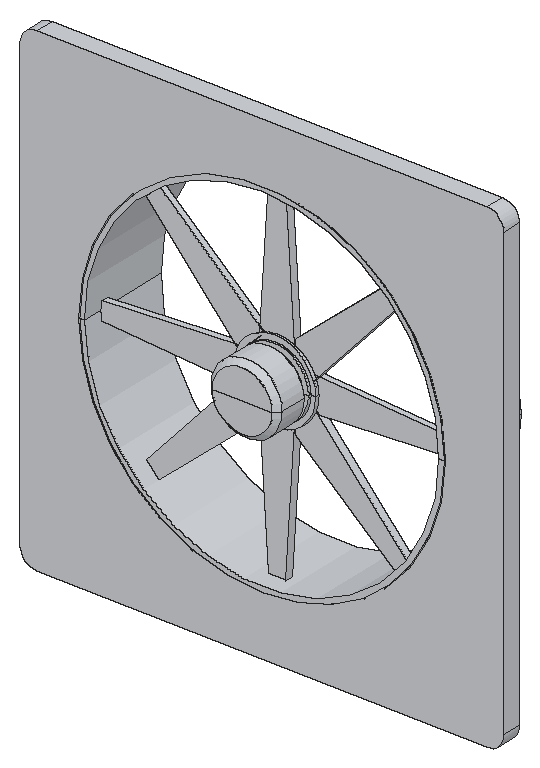
Revit family "CADS_Vent-Axia_MechEquip_Fan_VSP_SabreSicklePlate_3Ph4P - SUPPLY", category Mechanical Equipment, Revit 2020
Family settings
  Round Connector Dimension = Use Diameter
  Part Type = Normal
  OmniClass Number = 23.75.00.00
  OmniClass Title = Climate Control (HVAC)
  Work Plane-Based = No
  Always vertical = Yes
  Cut with Voids When Loaded = No
  Shared = No
  Room Calculation Point = No
Parameters (values of type "VSP31534A")
  WorkingPressure = 0.0 Pa
  WarrantyStartDate [instance] = "1900-12-31T23:59:59"
  WarrantyPeriod = ""
  WarrantyIdentifier = "N/A"
  WarrantyGuarantorParts = "tech@vent-axia.com"
  WarrantyGuarantorLabor = "tech@vent-axia.com"
  WarrantyGuarantor = "Vent-Axia Limited"
  WarrantyEndDate [instance] = "1900-12-31T23:59:59"
  WarrantyContent = ""
  TemperatureRange = ""
  TagNumber [instance] = "N/A"
  SustainabilityPerformance = ""
  Status = "New"
  Size = ""
  Shape = ""
  ServiceLifeType = ""
  ServiceLifeDuration = ""
  SerialNumber [instance] = "N/A"
  ReplacementCost = ""
  RatedVoltage = 0 V
  RatedCurrent = 0 A
  Quantity = 1
  ProductionYear = ""
  PressureCurve = ""
  PowerFactor = ""
  PointOfContact = ""
  NumberOfPoles = 0
  NominalWidth = 430 mm
  NominalLength = 83.9 mm
  NominalHeight = 315 mm
  NominalFrequencyRange = ""
  NominalDiameter = 315 mm
  ModelReference = "OWLET SICKLE PLATE FAN 315 DIA 3PH 4 POLE"
  ModelNumber = "VSP31534A"
  Material = ""
  ManufacturerE-Mail = "tech@vent-axia.com"
  ManufacturerAddress = "Fleming Way\nCrawley \nRH10 9YX"
  IsExtendedWarranty = no
  InsulationStandardClass = ""
  InstallationDate [instance] = "1900-12-31T23:59:59"
  IfcExportType [instance] = ""
  IfcExportAs = "IfcFanType"
  IP_Code = ""
  HasProtectiveEarth = no
  GrossWeight = 0.00 kg
  Grade = ""
  GlobalTradeItemNumber [instance] = "N/A"
  G = 17 mm
  Fitting Type = "Ignore"
  Finish = ""
  Features = ""
  ExteriorInsulation = no
  ExpectedServiceLife = 0
  Exclusions = ""
  E = 34 mm
  DurationUnit = "Year"
  Default Elevation = 0 mm
  Constituents = ""
  ConductorFunction = ""
  Color = ""
  CodePerformance = ""
  Category = ""
  CADS_Usage = 0
  CADS_Index = 0
  AssetType = "FIXED"
  AssetIdentifier [instance] = "N/A"
  AssemblyPlace = "UNKNOWN"
  ArticleNumber [instance] = "N/A"
  AirflowRateRange = 0.0 L/s
  Air Flow [instance] = 0.0 L/s
  AccessibilityPerformance = ""
  A = NominalWidth  # 430 mm
Types (8, lengths in mm): name | NominalWidth | NominalLength | NominalHeight | NominalDiameter | ModelReference | ModelNumber | A
  VSP31534A | 430 | 83.9 | 315 | 315 | "OWLET SICKLE PLATE FAN 315 DIA 3PH 4 POLE" | "VSP31534A" | 430
  VSP35534A | 485 | 82.9 | 355 | 355 | "OWLET SICKLE PLATE FAN 355 IDA 3PH 4 POLE" | "VSP35534A" | 485
  VSP40034A | 549 | 91.5 | 400 | 400 | "OWLET SICKLE PLATE FAN 400DIA 3PH 4 POLE" | "VSP40034A" | 549
  VSP45034A | 575 | 143.5 | 450 | 450 | "OWLET SICKLE PLATE FAN 450DIA 3PH 4 POLE" | "VSP45034A" | 575
  VSP45036 | 575 | 143.5 | 450 | 450 | "SICKLE PLATE FAN 450DIA 3PH 4 POLE" | "VSP45036" | 575
  VSP50034A | 655 | 141.5 | 500 | 500 | "OWLET SICKLE PLATE FAN 500DIA 3 PH 4 POLE" | "VSP50034A" | 655
  VSP56034A | 725 | 162.5 | 560 | 560 | "OWLET SICKLE PLATE FAN 560 DIA 3 PH 4 POLE" | "VSP56034A" | 725
  VSP63034B | 805 | 159.5 | 630 | 630 | "630MM 3PH 4P SICKLE FAN FN63-VDQ.6N.A7P3 169516" | "VSP63034B" | 805
Reference planes
  plane 1 "Center (Front/Back)": y = 0
  plane 2: z = 0
  plane 3 "Center (Left/Right)": x = 0
  plane 4: x = -157.5
  plane 5: x = 157.5
  plane 6 "F": y = -17
  plane 7 "B": y = 66.9
  plane 8: x = -215
  plane 9: x = -162.5
  plane 10 "top": z = 157.5
  plane 11: z = -157.5
  plane 12: x = 215
  plane 13: z = 215
  plane 14: z = -215
Forms (mm)
  Revolve 1, solid
    sketch origin (0, 0, 0) x (1, 0, 0) y (0, 1, 0)
      loop
        line (-162.5, -17) -> (-157.5, -17) -> (-157.5, 66.9) -> (-162.5, 66.9) -> (-162.5, -17)
      axis (0, 66.9) -> (0, -17)
    angle from 0 to 360
  Extrusion 2, solid
    sketch origin (0, 0, 0) x (1, 0, 0) y (0, 0, 1)
      loop
        arc (-200, 215) -> (-210.607, 210.607) -> (-215, 200) r 15
        line (-215, 200) -> (-215, -200)
        arc (-215, -200) -> (-210.607, -210.607) -> (-200, -215) r 15
        line (-200, -215) -> (200, -215)
        arc (200, -215) -> (210.607, -210.607) -> (215, -200) r 15
        line (215, -200) -> (215, 200)
        arc (215, 200) -> (210.607, 210.607) -> (200, 215) r 15
        line (200, 215) -> (-200, 215)
      loop
        circle (0, 0) r 162.5
    from 0 to 17 <- "G"
Dimensions and locks
  equal spacing: plane 4, plane 3 "Center (Left/Right)", plane 5
  "NominalLength": plane 7 "B" to plane 6 "F"
  "NominalDiameter": plane 4 to plane 5
  locked: plane 9 to plane 4 at 5
  equal spacing: plane 10 "top", level, plane 11
  "NominalDiameter": plane 10 "top" to plane 11
  equal spacing: plane 12, plane 3 "Center (Left/Right)", plane 8
  "A": plane 12 to plane 8
  equal spacing: plane 13, level, plane 14
  "A": plane 13 to plane 14
  "G": plane 6 "F" to plane 1 "Center (Front/Back)"
  aligned and locked: level to plane 2
  aligned and locked: Extrusion 2 sketch curve to Revolve 1  (x2)
Automatic sketch dimensions
  plane 6 "F" to Revolve 1 sketch curve = 0 mm
  Revolve 1 sketch curve to plane 4 = 0 mm
  Revolve 1 sketch curve to plane 3 "Center (Left/Right)" = 0 mm
  plane 1 "Center (Front/Back)" to Revolve 1 sketch curve = 0 mm
  Revolve 1 sketch curve to plane 7 "B" = 0 mm
  plane 6 "F" to Revolve 1 sketch curve = 115 mm
  Revolve 1 sketch curve to plane 9 = 0 mm
  Extrusion 2 sketch curve to plane 8 = 0 mm
  Extrusion 2 sketch curve to plane 13 = 0 mm
  Extrusion 2 sketch curve to plane 14 = 0 mm
  plane 12 to Extrusion 2 sketch curve = 0 mm
  plane 8 to Extrusion 2 sketch curve = 15 mm  (x2)
  plane 12 to Extrusion 2 sketch curve = 15 mm  (x2)
Nested families
  nested 1: "Fan for ESP" at (0, 0, 0), ND <- "NominalDiameter", BE <- "E", type "Fan for ESP"
    with hub 31.5 mm, ND 315 mm, BoltPCD 25.2 mm, Bolt Count 6, B_Diam 5 mm, BE 34 mm
  nested 2: "ESC Blade" at (0, 0, 0), type "ESC Blade"
    with a 20.00°, HR 31.5 mm, HD 63 mm, BT 15.75 mm, BR 126 mm, BH 40 mm, BD 315 mm, BB 31.5 mm
  nested 3: "ESC Blade" at (0, 0, 0) x (0.7071, 0, -0.7071) z (0.7071, 0, 0.7071), type "ESC Blade"
    with a 20.00°, HR 31.5 mm, HD 63 mm, BT 15.75 mm, BR 126 mm, BH 40 mm, BD 315 mm, BB 31.5 mm
  nested 4: "ESC Blade" at (0, 0, 0) x (0, 0, -1) z (1, 0, 0), type "ESC Blade"
    with a 20.00°, HR 31.5 mm, HD 63 mm, BT 15.75 mm, BR 126 mm, BH 40 mm, BD 315 mm, BB 31.5 mm
  nested 5: "ESC Blade" at (0, 0, 0) x (-0.7071, 0, -0.7071) z (0.7071, 0, -0.7071), type "ESC Blade"
    with a 20.00°, HR 31.5 mm, HD 63 mm, BT 15.75 mm, BR 126 mm, BH 40 mm, BD 315 mm, BB 31.5 mm
  nested 6: "ESC Blade" at (0, 0, 0) x (-1, 0, 0) z (0, 0, -1), type "ESC Blade"
    with a 20.00°, HR 31.5 mm, HD 63 mm, BT 15.75 mm, BR 126 mm, BH 40 mm, BD 315 mm, BB 31.5 mm
  nested 7: "ESC Blade" at (0, 0, 0) x (-0.7071, 0, -0.7071) z (-0.7071, 0, 0.7071), type "ESC Blade"
    with a 20.00°, HR 31.5 mm, HD 63 mm, BT 15.75 mm, BR 126 mm, BH 40 mm, BD 315 mm, BB 31.5 mm
  nested 8: "ESC Blade" at (0, 0, 0) x (0, 0, -1) z (-1, 0, 0), type "ESC Blade"
    with a 20.00°, HR 31.5 mm, HD 63 mm, BT 15.75 mm, BR 126 mm, BH 40 mm, BD 315 mm, BB 31.5 mm
  nested 9: "ESC Blade" at (0, 0, 0) x (0.7071, 0, -0.7071) z (-0.7071, 0, -0.7071), type "ESC Blade"
    with a 20.00°, HR 31.5 mm, HD 63 mm, BT 15.75 mm, BR 126 mm, BH 40 mm, BD 315 mm, BB 31.5 mm
Connectors
  hvac at (0, -17, 0), driven by "NominalDiameter", driven by "Air Flow"
    settings: on Revolve 1, index 1, duct flow 0.0 L/s, flow factor 0, pres drop 0.0 Pa, loss coef 0, conn angle 0.00°, conn width 304.8 mm, conn height 304.8 mm, conn diameter 315 mm, duct sys type 1, conn prof type 0, flow config 0, flow direction 1, loss method 0, conn ref index -1, conn util no, is conn primary yes, conn desc ""
  hvac at (0, 66.9, 0), driven by "NominalDiameter", driven by "Air Flow"
    settings: on Revolve 1, index 2, duct flow 0.0 L/s, flow factor 0, pres drop 0.0 Pa, loss coef 0, conn angle 0.00°, conn width 304.8 mm, conn height 304.8 mm, conn diameter 315 mm, duct sys type 1, conn prof type 0, flow config 1, flow direction 2, loss method 0, conn ref index -1, conn util no, is conn primary no, conn desc ""
Definition of nested family "Fan for ESP"
  Parameters (values of type "Fan for ESP")
    hub [instance] = ND / 10  # 25.1 mm
    ND [instance] = 251 mm
    Model = "."
    Default Elevation = 0 mm
    BoltPCD [instance] = hub - (hub * 0.2)  # 20.08 mm
    Bolt Count [instance] = if(hub < 50 mm, 6, 8)  # 6
    B_Diam [instance] = if(hub < 50 mm, 5 mm, 10 mm)  # 5 mm
    BE [instance] = 84 mm
  Reference planes
    plane 1 "Center (Front/Back)": y = 0
    plane 2: z = 0
    plane 3 "Center (Left/Right)": x = 0
    plane 4 "back": y = 20
    plane 5 "boss": y = -89
    plane 6 "B": z = 25.1
    plane 7: x = -30.1
    plane 8: x = -25.1
    plane 9 "hubface": y = -5
    plane 10: x = -20.1
    plane 11: y = -84
  Forms (mm)
    Revolve 1, solid
      sketch origin (0, 0, 0) x (1, 0, 0) y (0, 1, 0)
        loop
          line (0, -5) -> (0, 10.504) -> (-30.1, 10.504) -> (-30.1, -2.597) -> (-25.1, -2.597) -> (-25.1, -5) -> (0, -5)
        axis (0, 10.504) -> (0, -5)
      angle from 0 to 360
    Extrusion 2, solid, not visible
      sketch origin (0, -6.347, -4) x (-1, 0, 0) y (0, 0, 1)
        loop
          circle (0, 84) r 5
      from 0 to 3
    Revolve 3, solid
      sketch origin (0, 0, 0) x (1, 0, 0) y (0, 1, 0)
        loop
          line (-20.1, -5) -> (-25.1, -10) -> (-25.1, -84) -> (-20.1, -89) -> (0, -89) -> (0, -5) -> (-20.1, -5)
        axis (0, -5) -> (0, -89)
      angle from 0 to 360
  Lines and regions (mm)
    symbolic lines
      curve 1: circle (0, -89, 0) r 20.08 normal (0, 1, 0)
    model lines, not visible
      curve 2: line (0, -6.347, 85) -> (0, -6.347, 75)
  Dimensions and locks
    "hub": plane 6 "B" to plane 2
    "hub": nested 3 to plane 3 "Center (Left/Right)"
    "hub": nested 4 to plane 3 "Center (Left/Right)"
    "hub": nested 5 to plane 3 "Center (Left/Right)"
    "hub": plane 3 "Center (Left/Right)" to nested 6
    "hub": plane 3 "Center (Left/Right)" to nested 7
    "hub": plane 3 "Center (Left/Right)" to nested 8
    "hub": plane 3 "Center (Left/Right)" to nested 9
    "hub": plane 8 to plane 3 "Center (Left/Right)"
    plane 7 to plane 8 = 5 mm
    "BE": plane 5 "boss" to plane 9 "hubface"
    locked: plane 11 to plane 5 "boss" at 5
    plane 8 to plane 10 = 5 mm
    locked: plane 9 "hubface" to plane 1 "Center (Front/Back)" at 5
    diameter of Extrusion 2 sketch curve = 10 mm
    "BoltPCD": radius of curve 1
    aligned and locked: level to plane 2
    aligned and locked: plane 6 "B" to nested 1
  Automatic sketch dimensions
    Revolve 1 sketch curve to plane 7 = 0 mm
    Revolve 1 sketch curve to plane 8 = 0 mm
    Revolve 1 sketch curve to plane 3 "Center (Left/Right)" = 0 mm  (x2)
    Revolve 1 sketch curve to plane 9 "hubface" = 0 mm
    plane 1 "Center (Front/Back)" to Revolve 1 sketch curve = 2.597 mm
    plane 4 "back" to Revolve 1 sketch curve = 5 mm
    plane 4 "back" to Revolve 1 sketch curve = 9.496 mm
    Revolve 1 sketch curve to Revolve 1 sketch curve = 54.496 mm
    Revolve 3 sketch curve to plane 8 = 0 mm
    Revolve 3 sketch curve to plane 5 "boss" = 0 mm
    Revolve 3 sketch curve to plane 10 = 0 mm  (x2)
    Revolve 3 sketch curve to plane 9 "hubface" = 0 mm
    Revolve 3 sketch curve to plane 3 "Center (Left/Right)" = 0 mm  (x2)
    Revolve 3 sketch curve to plane 11 = 0 mm
    Revolve 3 sketch curve to plane 9 "hubface" = 5 mm
    plane 4 "back" to Revolve 3 sketch curve = 4.08 mm
    Revolve 3 sketch curve to plane 4 "back" = 3.828 mm
    curve 1 to level = 0 mm
    curve 1 to plane 3 "Center (Left/Right)" = 0 mm
  Nested families
    nested 1: "ESC Blade" at (0, 0, 0), BD <- "ND", HD <- "hub", type "ESC Blade"
      with a 20.00°, HR 25.1 mm, HD 50.2 mm, BT 12.55 mm, BR 100.4 mm, BH 40 mm, BD 251 mm, BB 25.1 mm
    nested 2: "ESC Blade" at (0, 0, 755), BD <- "ND", HD <- "hub", type "ESC Blade", not visible
      with a 20.00°, HR 25.1 mm, HD 50.2 mm, BT 12.55 mm, BR 100.4 mm, BH 40 mm, BD 251 mm, BB 25.1 mm
    nested 3: "ESC Blade" at (0, 0, 0) x (0.7071, 0, -0.7071) z (0.7071, 0, 0.7071), BD <- "ND", HD <- "hub", type "ESC Blade"
      with a 20.00°, HR 25.1 mm, HD 50.2 mm, BT 12.55 mm, BR 100.4 mm, BH 40 mm, BD 251 mm, BB 25.1 mm
    nested 4: "ESC Blade" at (0, 0, 0) x (0, 0, -1) z (1, 0, 0), BD <- "ND", HD <- "hub", type "ESC Blade"
      with a 20.00°, HR 25.1 mm, HD 50.2 mm, BT 12.55 mm, BR 100.4 mm, BH 40 mm, BD 251 mm, BB 25.1 mm
    nested 5: "ESC Blade" at (0, 0, 0) x (-0.7071, 0, -0.7071) z (0.7071, 0, -0.7071), BD <- "ND", HD <- "hub", type "ESC Blade"
      with a 20.00°, HR 25.1 mm, HD 50.2 mm, BT 12.55 mm, BR 100.4 mm, BH 40 mm, BD 251 mm, BB 25.1 mm
    nested 6: "ESC Blade" at (0, 0, 0) x (-1, 0, 0) z (0, 0, -1), BD <- "ND", HD <- "hub", type "ESC Blade"
      with a 20.00°, HR 25.1 mm, HD 50.2 mm, BT 12.55 mm, BR 100.4 mm, BH 40 mm, BD 251 mm, BB 25.1 mm
    nested 7: "ESC Blade" at (0, 0, 0) x (-0.7071, 0, -0.7071) z (-0.7071, 0, 0.7071), BD <- "ND", HD <- "hub", type "ESC Blade"
      with a 20.00°, HR 25.1 mm, HD 50.2 mm, BT 12.55 mm, BR 100.4 mm, BH 40 mm, BD 251 mm, BB 25.1 mm
    nested 8: "ESC Blade" at (0, 0, 0) x (0, 0, -1) z (-1, 0, 0), BD <- "ND", HD <- "hub", type "ESC Blade"
      with a 20.00°, HR 25.1 mm, HD 50.2 mm, BT 12.55 mm, BR 100.4 mm, BH 40 mm, BD 251 mm, BB 25.1 mm
    nested 9: "ESC Blade" at (0, 0, 0) x (0.7071, 0, -0.7071) z (-0.7071, 0, -0.7071), BD <- "ND", HD <- "hub", type "ESC Blade"
      with a 20.00°, HR 25.1 mm, HD 50.2 mm, BT 12.55 mm, BR 100.4 mm, BH 40 mm, BD 251 mm, BB 25.1 mm
  Definition of nested family "ESC Blade"
    Parameters (values of type "ESC Blade")
      a [instance] = 20.00°
      HR [instance] = HD / 2  # 30 mm
      HD [instance] = BD / 5  # 60 mm
      Default Elevation = 1219.2 mm
      BT [instance] = BD / 20  # 15 mm
      BR [instance] = (BD / 2) - HR  # 120 mm
      BH [instance] = 40 mm
      BD [instance] = 300 mm
      BB [instance] = BD / 10  # 30 mm
    Reference planes
      plane 1 "Center (Front/Back)": y = 0
      plane 2: z = 0
      plane 3 "Center (Left/Right)": x = 0
      plane 4 "Blade Bot": z = 30
      plane 5: x = -15
      plane 6: x = 15
      plane 7: x = -7.5
      plane 8: x = 7.5
    Forms (mm)
      Blend 1, solid
        base sketch origin (0, 0, 30) x (-1, 0, 0) y (0, -1, 0)
          loop
            line (15, 0) -> (-15, 0) -> (-15, -6) -> (15, -6) -> (15, 0)
        top sketch origin (0, 0, 30) x (-1, 0, 0) y (0, -1, 0)
          loop
            line (7.5, -6) -> (7.5, 0) -> (-7.5, 0) -> (-7.5, -6) -> (7.5, -6)
        from 0 to 120 <- "BR"
    Dimensions and locks
      "HR": plane 4 "Blade Bot" to level
      equal spacing: plane 8, plane 3 "Center (Left/Right)", plane 7
      "BT": plane 8 to plane 7
      equal spacing: plane 6, plane 3 "Center (Left/Right)", plane 5
      "BB": plane 6 to plane 5
      aligned and locked: level to plane 2
    Automatic sketch dimensions
      plane 1 "Center (Front/Back)" to Blend 1 sketch curve = 0 mm  (x2)
      Blend 1 sketch curve to plane 6 = 0 mm
      Blend 1 sketch curve to plane 5 = 0 mm
      Blend 1 sketch curve to plane 1 "Center (Front/Back)" = 6 mm  (x2)
      Blend 1 sketch curve to plane 8 = 0 mm
      Blend 1 sketch curve to plane 7 = 0 mm
Definition of nested family "ESC Blade"
  Parameters (values of type "ESC Blade")
    a [instance] = 20.00°
    HR [instance] = HD / 2  # 30 mm
    HD [instance] = BD / 5  # 60 mm
    Default Elevation = 1219.2 mm
    BT [instance] = BD / 20  # 15 mm
    BR [instance] = (BD / 2) - HR  # 120 mm
    BH [instance] = 40 mm
    BD [instance] = 300 mm
    BB [instance] = BD / 10  # 30 mm
  Reference planes
    plane 1 "Center (Front/Back)": y = 0
    plane 2: z = 0
    plane 3 "Center (Left/Right)": x = 0
    plane 4 "Blade Bot": z = 30
    plane 5: x = -15
    plane 6: x = 15
    plane 7: x = -7.5
    plane 8: x = 7.5
  Forms (mm)
    Blend 1, solid
      base sketch origin (0, 0, 30) x (-1, 0, 0) y (0, -1, 0)
        loop
          line (15, 0) -> (-15, 0) -> (-15, -6) -> (15, -6) -> (15, 0)
      top sketch origin (0, 0, 30) x (-1, 0, 0) y (0, -1, 0)
        loop
          line (7.5, -6) -> (7.5, 0) -> (-7.5, 0) -> (-7.5, -6) -> (7.5, -6)
      from 0 to 120 <- "BR"
  Dimensions and locks
    "HR": plane 4 "Blade Bot" to level
    equal spacing: plane 8, plane 3 "Center (Left/Right)", plane 7
    "BT": plane 8 to plane 7
    equal spacing: plane 6, plane 3 "Center (Left/Right)", plane 5
    "BB": plane 6 to plane 5
    aligned and locked: level to plane 2
  Automatic sketch dimensions
    plane 1 "Center (Front/Back)" to Blend 1 sketch curve = 0 mm  (x2)
    Blend 1 sketch curve to plane 6 = 0 mm
    Blend 1 sketch curve to plane 5 = 0 mm
    Blend 1 sketch curve to plane 1 "Center (Front/Back)" = 6 mm  (x2)
    Blend 1 sketch curve to plane 8 = 0 mm
    Blend 1 sketch curve to plane 7 = 0 mm
